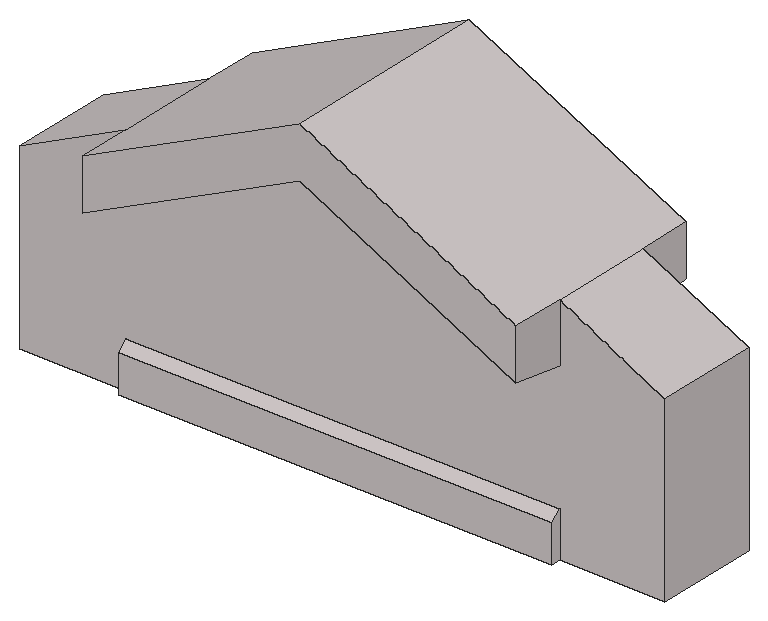
Revit family "M_Corte cruzado constante do telhado de duas águas da viga mestra em I pré-moldada", category Quadro estrutural, Revit 2019
Family settings
  Exibir em vistas ocultas = Arestas ocultadas por outros membros
  Arredondamento do comprimento do framing estrutural = 0 mm
  Forma do corte = Não definido
  Material para o comportamento do modelo = Concreto pré-moldado
  Exportar sempre como geometria = Não
  Número OmniClass = 23.25.30.11.14.14
  Título OmniClass = Beams
  ID de item do Seek = Precast-Girder I-Saddleback-Constant Cross Section-0000-CAN-ENU
  Sempre na vertical = Sim
  Corte com vazios quando carregada = Não
  Representação simbólica = Da família
  Compartilhado = Não
  Exibir o pré-corte da família na vista da planta = Sim
Parameters (values of type "800x430x245")
  Peso da vara de tirante [instance] = 30
  Vara de tirante W [instance] = (Peso da vara de tirante) * 9.80 kN / 1000  # 0.294 kN
  Structural Material [instance] = Concreto - Moldado in loco - 35 MPa
  Peso do vergalhão simples [instance] = 50
  Vergalhão em W simples [instance] = (Peso do vergalhão simples * 9.80 kN) / 1000  # 0.49 kN
  Peso das grades de vergalhão [instance] = 100
  Grades de vergalhão W [instance] = (Peso das grades de vergalhão * 9.80 kN) / 1000  # 0.98 kN
  Comprimento 1 = 250 mm
  D6 = 20 mm
  D5 = 88.8 mm
  D4 = 20 mm
  D7 [instance] = (D1 - D2) * 2 / Length * Comprimento 1 + D2  # 551.391 mm
  D2 = 430 mm
  D3 = 120 mm
  B3 = 289.7 mm
  B1 = 245 mm
  Código de montagem = "B10"
  Length [instance] = 1524 mm
  B2 = 500 mm
  D1 = 800 mm
Types (3, lengths in mm): name | Comprimento 1 | D6 | D5 | D4 | D7 | D2 | B3 | B1 | B2 | D1
  (no name) | 250 | 20 | 88.8 | 20 | 551.391 | 430 | 289.7 | 245 | 500 | 800
  800x430x245 | 250 | 20 | 88.8 | 20 | 551.391 | 430 | 289.7 | 245 | 500 | 800
  900x500x300 | 152.4 | 30 | 100 | 50 | 580 | 500 | 400 | 300 | 550 | 900
Reference planes
  plane 1 "Centro (Frente/Trás)": y = 0
  plane 2: z = 0
  plane 3 "Centro (Esquerda/Direita)": x = 4.61
  plane 4 "Membro esquerdo": x = -756.81
  plane 5 "Membro direito": x = 766.03
  plane 6: y = 250
  plane 7: y = -250
  plane 8: z = 400
  plane 9 "Inferior": z = -400
  plane 10 "Esquerda": x = -757.39
  plane 11 "Direita": x = 766.61
  plane 12: y = 122.5
  plane 13: y = -122.5
  plane 14: x = -506.81
  plane 15: x = 516.03
  plane 16: x = 4.61
  plane 17: z = 280
  plane 18: z = 30
  plane 19: z = 151.391
  plane 20: z = 31.391
  plane 21: z = 260
  plane 22: z = 11.391
  plane 23: z = -311.2
  plane 24: z = -291.2
  plane 25: y = 144.85
  plane 26: y = -144.85
Forms (mm)
  Blend 1, solid, material "Concreto - Moldado in loco - 35 MPa" <- "Structural Material"
    base sketch origin (4.61, 0, 0) x (0, 1, 0) y (0, 0, 1)
      loop
        line (250, 400) -> (-250, 400) -> (-250, 280) -> (-122.5, 260) -> (-122.5, -400) -> (122.5, -400) -> (122.5, 260) -> (250, 280) -> (250, 400)
    top sketch origin (4.61, 0, 0) x (0, 1, 0) y (0, 0, 1)
      loop
        line (250, 151.391) -> (-250, 151.391) -> (-250, 31.391) -> (-122.5, 11.391) -> (-122.5, -400) -> (122.5, -400) -> (122.5, 11.391) -> (250, 31.391) -> (250, 151.391)
    from 0 to 511.42
  Blend 2, solid, material "Concreto - Moldado in loco - 35 MPa" <- "Structural Material"
    base sketch origin (429.51, 0, 0) x (0, 1, 0) y (0, 0, -1)
      loop
        line (250, -400) -> (250, -280) -> (122.5, -260) -> (122.5, 400) -> (-122.5, 400) -> (-122.5, -260) -> (-250, -280) -> (-250, -400) -> (250, -400)
    top sketch origin (429.51, 0, 0) x (0, 1, 0) y (0, 0, -1)
      loop
        line (250, -151.391) -> (250, -31.391) -> (122.5, -11.391) -> (122.5, 400) -> (-122.5, 400) -> (-122.5, -11.391) -> (-250, -31.391) -> (-250, -151.391) -> (250, -151.391)
    from 424.9 to 936.32
  Blend 3, solid, material "Concreto - Moldado in loco - 35 MPa" <- "Structural Material"
    base sketch origin (4.61, 0, 0) x (0, 1, 0) y (0, 0, 1)
      loop
        line (122.5, 151.391) -> (-122.5, 151.391) -> (-122.5, -400) -> (122.5, -400) -> (122.5, 151.391)
    top sketch origin (4.61, 0, 0) x (0, 1, 0) y (0, 0, 1)
      loop
        line (122.5, -400) -> (122.5, 30) -> (-122.5, 30) -> (-122.5, -400) -> (122.5, -400)
    from 511.42 to 761.42
  Blend 4, solid, material "Concreto - Moldado in loco - 35 MPa" <- "Structural Material"
    base sketch origin (429.51, 0, 0) x (0, 1, 0) y (0, 0, -1)
      loop
        line (122.5, -151.391) -> (122.5, 400) -> (-122.5, 400) -> (-122.5, -151.391) -> (122.5, -151.391)
    top sketch origin (429.51, 0, 0) x (0, 1, 0) y (0, 0, -1)
      loop
        line (122.5, 400) -> (-122.5, 400) -> (-122.5, -30) -> (122.5, -30) -> (122.5, 400)
    from 936.32 to 1186.32
  Extrusion 5, solid, material "Concreto - Moldado in loco - 35 MPa" <- "Structural Material"
    sketch origin (4.61, 0, 0) x (0, 1, 0) y (0, 0, 1)
      loop
        line (144.85, -311.2) -> (122.5, -291.2) -> (-122.5, -291.2) -> (-144.85, -311.2) -> (-144.85, -400) -> (144.85, -400) -> (144.85, -311.2)
    from -511.42 to 511.42
Cuts and joins
  joined: Blend 1, Blend 2, Blend 3, Blend 4, Extrusion 5
Dimensions and locks
  "B2": plane 6 to plane 7
  equal spacing: plane 9 "Inferior", plane 2, plane 8
  equal spacing: plane 6, plane 1 "Centro (Frente/Trás)", plane 7
  "D1": plane 9 "Inferior" to plane 8
  "Length": plane 10 "Esquerda" to plane 11 "Direita"
  "B1": plane 12 to plane 13
  equal spacing: plane 12, plane 1 "Centro (Frente/Trás)", plane 13
  "D3": plane 8 to plane 17
  "D2": plane 9 "Inferior" to plane 18
  "D7": plane 9 "Inferior" to plane 19
  "D3": plane 20 to plane 19
  level to Blend 2 sketch curve = 151.391 mm
  equal spacing: plane 14, plane 16, plane 15
  "D4": plane 17 to plane 21
  "D4": plane 20 to plane 22
  "D5": plane 23 to plane 9 "Inferior"
  "D6": plane 24 to plane 23
  equal spacing: plane 25, plane 1 "Centro (Frente/Trás)", plane 26
  "B3": plane 25 to plane 26
  "Comprimento 1": plane 4 "Membro esquerdo" to plane 14
  "Comprimento 1": plane 15 to plane 5 "Membro direito"
  aligned and locked: plane 8 to Blend 1 sketch curve
  aligned and locked: plane 7 to Blend 1 sketch curve  (x2)
  aligned and locked: Blend 1 sketch curve to plane 6  (x2)
  aligned and locked: plane 17 to Blend 1 sketch curve
  aligned and locked: Blend 1 to plane 16
  aligned and locked: plane 7 to Blend 2 sketch curve  (x2)
  aligned and locked: plane 8 to Blend 2 sketch curve
  aligned and locked: Blend 2 sketch curve to plane 6  (x2)
  aligned and locked: plane 16 to Blend 2
  aligned and locked: Blend 3 sketch curve to var sketch
  aligned and locked: Blend 3 sketch curve to plane 13
  aligned and locked: plane 12 to Blend 3 sketch curve
  aligned and locked: Blend 3 sketch curve to plane 12
  aligned and locked: plane 13 to Blend 3 sketch curve
  aligned and locked: Blend 4 sketch curve to plane 13
  aligned and locked: Blend 4 sketch curve to plane 12
  aligned and locked: plane 13 to Blend 4 sketch curve
  aligned and locked: plane 9 "Inferior" to Blend 4 sketch curve
  aligned and locked: Blend 4 sketch curve to plane 9 "Inferior"
  aligned and locked: plane 12 to Blend 4 sketch curve
  aligned and locked: plane 9 "Inferior" to Blend 3 sketch curve
  aligned and locked: Blend 2 to plane 14
  aligned and locked: plane 18 to Blend 4 sketch curve
  aligned and locked: plane 18 to Blend 3 sketch curve
  aligned and locked: plane 19 to Blend 1 sketch curve
  aligned and locked: Blend 1 to plane 15
  aligned and locked: plane 19 to Blend 4 sketch curve
  aligned and locked: plane 14 to Blend 4
  aligned and locked: Blend 2 sketch curve to cut or joined group of Blend 1, Blend 2, Blend 3, Blend 4, Extrusion 5
  aligned and locked: Blend 2 sketch curve to plane 9 "Inferior"
  aligned and locked: plane 12 to Blend 2 sketch curve
  aligned and locked: plane 21 to Blend 2 sketch curve  (x2)
  aligned and locked: Blend 2 sketch curve to var sketch
  aligned and locked: Blend 3 sketch curve to plane 19
  aligned and locked: plane 15 to Blend 3
  aligned and locked: Blend 1 sketch curve to cut or joined group of Blend 1, Blend 2, Blend 3, Blend 4, Extrusion 5
  aligned and locked: cut or joined group of Blend 1, Blend 2, Blend 3, Blend 4, Extrusion 5 to Blend 1 sketch curve
  aligned and locked: Blend 1 sketch curve to var sketch
  aligned and locked: var sketch to Blend 1 sketch curve
  aligned and locked: plane 23 to Extrusion 5 sketch curve
  aligned and locked: plane 25 to Extrusion 5 sketch curve
  aligned and locked: Extrusion 5 sketch curve to plane 9 "Inferior"
  aligned and locked: plane 26 to Extrusion 5 sketch curve
  aligned and locked: Extrusion 5 sketch curve to plane 24
  aligned and locked: Extrusion 5 to plane 15
  aligned and locked: Extrusion 5 to plane 14
  aligned and locked: plane 4 "Membro esquerdo" to cut or joined group of Blend 1, Blend 2, Blend 3, Blend 4, Extrusion 5
  aligned and locked: cut or joined group of Blend 1, Blend 2, Blend 3, Blend 4, Extrusion 5 to plane 5 "Membro direito"
Automatic sketch dimensions
  Blend 2 sketch curve to plane 17 = 0 mm  (x2)
  Blend 2 sketch curve to plane 12 = 0 mm
  Blend 2 sketch curve to plane 19 = 0 mm
  Blend 2 sketch curve to plane 20 = 0 mm  (x2)
  Blend 2 sketch curve to plane 13 = 0 mm
  Blend 2 sketch curve to plane 22 = 0 mm  (x2)
  Blend 1 sketch curve to plane 17 = 0 mm
  Blend 1 sketch curve to plane 12 = 0 mm  (x2)
  Blend 1 sketch curve to plane 21 = 0 mm  (x2)
  Blend 1 sketch curve to plane 20 = 0 mm  (x2)
  Blend 1 sketch curve to plane 22 = 0 mm  (x2)
  Extrusion 5 sketch curve to plane 13 = 0 mm
  Extrusion 5 sketch curve to plane 12 = 0 mm
  Extrusion 5 sketch curve to plane 23 = 0 mm
